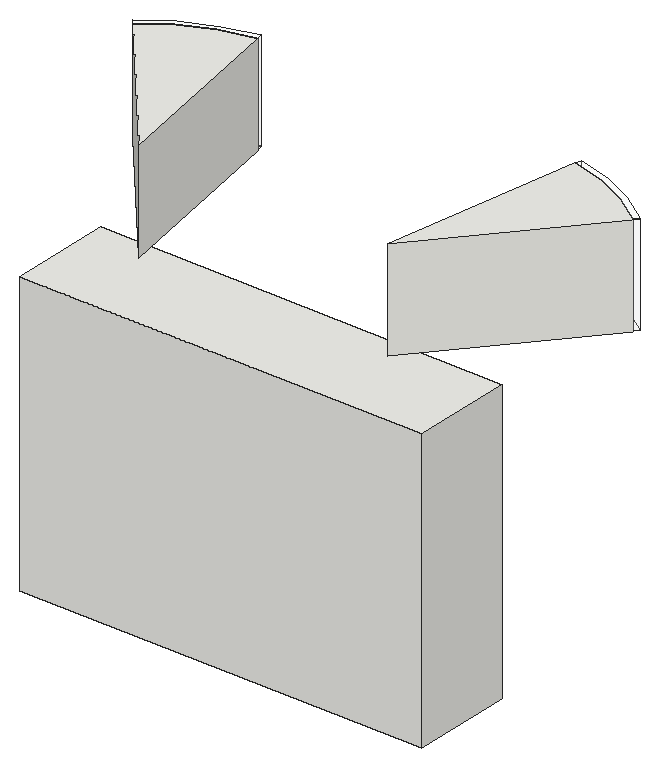
Revit family "M_Luz de emergência de parede", category Luminárias, Revit 2019
Family settings
  Hospedeiro = Parede
  Cota do conector redondo = Utilizar diâmetro
  Tipo de parte = Normal
  Número OmniClass = 23.80.70.11.21
  Título OmniClass = Emergency Lighting
  ID de item do Seek = Emergency Wall Light-0000-CAN-ENU
  Sempre na vertical = Sim
  Corte com vazios quando carregada = Não
  Fonte luminosa = Não
  Compartilhado = Não
  Ponto de cálculo do ambiente = Não
Parameters (values of type "277V")
  built-in parameter 1150142 = (empty or 0)
  Classificação de carga = Iluminação - Unidade de interrupção
  Lâmpada = "A-19"
  Difusor = Vidro, Branco, Alta Luminosidade
  Voltagem do transformador = 277 V
  Transformador por número de postes = 1
  Código de montagem = "D5090200"
  Caixa de luz = Aço, acabamento de pintura, marfim, com brilho
  Altura de montagem = 2500 mm
  Comentários de voltagem = "100"
  Carga aparente = 100 VA
Types (3, lengths in mm): name | Voltagem do transformador | Altura de montagem
  (no name) | 277 V | 2500
  120V | 120 V | 2100
  277V | 277 V | 2500
Reference planes
  plane 1: y = 0
  plane 2 "Eixo de origem da luz": x = 0
  plane 3 "Elevação da origem da luz": z = 2500
  plane 4 "Eixo de origem da luz": y = 168.564
  plane 5: y = 105.064
  plane 6: y = 138.401
  plane 7: z = 2633.35
  plane 8: x = -132.627
  plane 9: x = 132.627
  plane 10: y = 253.747
  plane 11: z = 2665.1
  plane 12: z = 2601.6
Forms (mm)
  Extrusion 1, solid, material "Aço, acabamento de pintura, marfim, com brilho" <- "Caixa de luz"
    sketch origin (-2119.016, 105.064, 0) x (-1, 0, 0) y (0, 0, 1)
      loop
        line (-2246.016, 2411.1) -> (-1992.016, 2411.1) -> (-1992.016, 2588.9) -> (-2246.016, 2588.9) -> (-2246.016, 2411.1)
    from 0 to 63.5
  Extrusion 2, solid, material "Vidro, Branco, Alta Luminosidade" <- "Difusor"
    sketch origin (0, 0, 0) x (1, 0, 0) y (0, 1, 0)
      loop
        arc (-101.008, 263.623) -> (-132.627, 253.653) -> (-160.589, 235.84) r 127
        line (-160.589, 235.84) -> (-158.017, 232.776)
        arc (-158.017, 232.776) -> (-130.937, 250.028) -> (-100.313, 259.683) r 123
        line (-100.313, 259.683) -> (-101.008, 263.623)
      loop
        line (158.017, 232.776) -> (160.589, 235.84)
        arc (160.589, 235.84) -> (132.627, 253.653) -> (101.008, 263.623) r 127
        line (101.008, 263.623) -> (100.313, 259.683)
        arc (100.313, 259.683) -> (130.937, 250.028) -> (158.017, 232.776) r 123
    from 2601.6 to 2665.1
  Extrusion 3, solid, material "Aço, acabamento de pintura, marfim, com brilho" <- "Caixa de luz"
    sketch origin (0, 0, 0) x (1, 0, 0) y (0, 1, 0)
      loop
        line (-78.955, 138.552) -> (-100.313, 259.683)
        arc (-100.313, 259.683) -> (-130.937, 250.028) -> (-158.017, 232.776) r 123
        line (-158.017, 232.776) -> (-78.955, 138.552)
      loop
        line (100.313, 259.683) -> (78.955, 138.552) -> (158.017, 232.776)
        arc (158.017, 232.776) -> (130.937, 250.028) -> (100.313, 259.683) r 123
    from 2601.6 to 2665.1
Lines and regions (mm)
  symbolic lines
    curve 1: line (-127, 105.064, 0) -> (127, 105.064, 0)
    curve 2: line (-127, 105.064, 0) -> (-127, 168.564, 0)
    curve 3: line (-127, 168.564, 0) -> (127, 168.564, 0)
    curve 4: line (127, 105.064, 0) -> (127, 168.564, 0)
    curve 5: line (127, 168.564, 0) -> (113.768, 243.606, 0)
    curve 6: line (127, 168.564, 0) -> (175.98, 226.936, 0)
    curve 7: line (175.98, 226.936, 0) -> (113.768, 243.606, 0)
    curve 8: line (-127, 168.564, 0) -> (-175.98, 226.936, 0)
    curve 9: line (-127, 168.564, 0) -> (-113.768, 243.606, 0)
    curve 10: line (-113.768, 243.606, 0) -> (-175.98, 226.936, 0)
  symbolic lines, detail levels coarse+medium
    curve 11: line (-127, 105.064, 0) -> (127, 168.564, 0)
Text (mm)
  text "Parte frontal" at (0, 1019.848, 3124.603), in view "Direita"
  text "Parte frontal" at (0, 893.312, 2794.176), in view "Esquerda"
Dimensions and locks
  locked: host wall to plane 4 "Eixo de origem da luz" at 63.5
  "Altura de montagem": level to plane 3 "Elevação da origem da luz"
  plane 6 to host wall = 33.337 mm
  locked: plane 7 to plane 3 "Elevação da origem da luz" at 133.35
  equal spacing: plane 8, plane 2 "Eixo de origem da luz", plane 9, locked at 132.627 each
  locked: plane 10 to plane 5 at 148.683
  equal spacing: plane 11, plane 7, plane 12
  locked: plane 11 to plane 7 at 31.75
  aligned and locked: plane 5 to host wall
  aligned and locked: plane 5 to curve 1
  aligned and locked: nested 1 to plane 8
  aligned and locked: nested 1 to plane 10
  aligned and locked: nested 2 to plane 9
  aligned and locked: nested 2 to plane 10
  aligned and locked: nested 2 to plane 7
  aligned and locked: nested 1 to plane 7
  aligned and locked: Extrusion 3 sketch curve to Extrusion 2  (x2)
  aligned and locked: Extrusion 3 to plane 12
  aligned and locked: plane 11 to Extrusion 3
  aligned and locked: plane 11 to Extrusion 2
  aligned and locked: Extrusion 2 to plane 12
Automatic sketch dimensions
  plane 2 "Eixo de origem da luz" to Extrusion 1 sketch curve = 127 mm
  Extrusion 1 sketch curve to plane 2 "Eixo de origem da luz" = 127 mm
  plane 3 "Elevação da origem da luz" to Extrusion 1 sketch curve = 88.9 mm
  Extrusion 1 sketch curve to plane 3 "Elevação da origem da luz" = 88.9 mm
  curve 2 to plane 4 "Eixo de origem da luz" = 0 mm
  curve 11 to host wall = 0 mm
  curve 11 to plane 4 "Eixo de origem da luz" = 0 mm
  curve 10 to plane 4 "Eixo de origem da luz" = 58.373 mm
  curve 10 to plane 2 "Eixo de origem da luz" = 175.98 mm
  curve 8 to curve 2 = 48.98 mm
  curve 11 to curve 1 = 0 mm
  curve 8 to curve 10 = 62.212 mm
  plane 2 "Eixo de origem da luz" to curve 5 = 113.768 mm
  curve 5 to curve 5 = 13.232 mm
  curve 11 to curve 3 = 0 mm
  curve 7 to plane 4 "Eixo de origem da luz" = 58.373 mm
  curve 5 to curve 7 = 62.212 mm
  curve 8 to curve 10 = 16.67 mm
  curve 6 to curve 7 = 16.67 mm
  Extrusion 2 sketch curve to Extrusion 2 sketch curve = 0 mm  (x4)
  plane 10 to Extrusion 2 sketch curve = 5.937 mm  (x2)
  plane 10 to Extrusion 2 sketch curve = 9.876 mm  (x2)
  Extrusion 2 sketch curve to Extrusion 2 sketch curve = 0.695 mm  (x2)
  plane 9 to Extrusion 2 sketch curve = 32.314 mm
  Extrusion 2 sketch curve to plane 10 = 20.971 mm  (x2)
  Extrusion 2 sketch curve to Extrusion 2 sketch curve = 2.571 mm
  plane 6 to Extrusion 2 sketch curve = 0.151 mm  (x2)
  plane 9 to Extrusion 2 sketch curve = 53.673 mm
  plane 8 to Extrusion 2 sketch curve = 53.673 mm
  plane 8 to Extrusion 2 sketch curve = 32.314 mm
  Extrusion 2 sketch curve to plane 10 = 17.907 mm
  plane 10 to Extrusion 3 sketch curve = 5.937 mm  (x2)
  Extrusion 3 sketch curve to plane 10 = 20.971 mm  (x2)
  plane 6 to Extrusion 3 sketch curve = 0.151 mm  (x2)
  Extrusion 3 sketch curve to Extrusion 3 sketch curve = 0 mm  (x2)
Nested families
  nested 1: "Fonte luminosa" at (-132.627, 744.841, 1853.488), type "Origem da luz 1"
  nested 2: "Fonte luminosa" at (132.627, 744.841, 1853.488), type "Origem da luz 2"
Connectors
  electrical at (0, 105.064, 2500), driven by "Carga aparente", driven by "Voltagem do transformador", driven by "Transformador por número de postes", driven by "Classificação de carga"
    settings: on Extrusion 1, index 1, voltage 277 V, apparent load 0 VA, apparent load phase1 100 VA, apparent load phase2 0 VA, apparent load phase3 0 VA, power factor 0.95, load classification "Iluminação - Unidade de interrupção", number of poles 1, system type 31, power factor state 1, is connector primary yes, connector utility no, sub classification motor no, connector description ""
Definition of nested family "Fonte luminosa"
  Parameters
    Wattage = 50 W
    built-in parameter 1150110 = 1 (stored number, unit not read)
    built-in parameter 1114217 = 1 (stored number, unit not read)
    built-in parameter 1150109 = 1 (stored number, unit not read)
    built-in parameter 1150134 = 4
    built-in parameter 1150113 = 1 (stored number, unit not read)
    Tilt Angle = 30.00°
    built-in parameter 1010507 = 1.5708 (stored number, unit not read)
    built-in parameter 1010506 = 0.5236 (stored number, unit not read)
    Lumens = 780 lm
    built-in parameter 1150115 = 1 (stored number, unit not read)
    built-in parameter 1150105 = 2608 (stored number, unit not read)
    Light Source Symbol Length = 609.6 mm
    built-in parameter 1150137 = 1
    built-in parameter 1150139 = (empty or 0)
    built-in parameter 1150112 = 1 (stored number, unit not read)
    built-in parameter 1150114 = 1 (stored number, unit not read)
    built-in parameter 1150132 = (empty or 0)
    built-in parameter 1150102 = (empty or 0)
    built-in parameter 1150138 = (empty or 0)
    built-in parameter 1150107 = 2800 (stored number, unit not read)
    built-in parameter 1150106 = 26.08 (stored number, unit not read)
    built-in parameter 1150104 = 1.4493 (stored number, unit not read)
    Dimming Lamp Color Temperature Shift = (empty or 0)
    Color Filter = 16777215
    built-in parameter 1114218 = 1 (stored number, unit not read)
    built-in parameter 1150133 = 10 (stored number, unit not read)
    Assembly Code = ""
  Reference planes
    plane 1 "Eixo de origem da luz (F/T)": z = 779.862
    plane 2: z = 0
    plane 3 "Eixo de origem da luz (E/D)": x = 0
    plane 4 "Elevação da origem da luz": y = -491.094
  Lines and regions (mm)
    reference lines
      curve 1: line (0, 880.506, 0) -> (0, -1024.494, 0)
      curve 2: line (-971.342, -491.094, 0) -> (1695.658, -491.094, 0)
  Dimensions and locks
    aligned and locked: plane 3 "Eixo de origem da luz (E/D)" to imposter light
    aligned and locked: imposter light to plane 1 "Eixo de origem da luz (F/T)"
    aligned and locked: imposter light to plane 4 "Elevação da origem da luz"
    aligned and locked: curve 1 to plane 3 "Eixo de origem da luz (E/D)"
    aligned and locked: curve 2 to plane 4 "Elevação da origem da luz"
